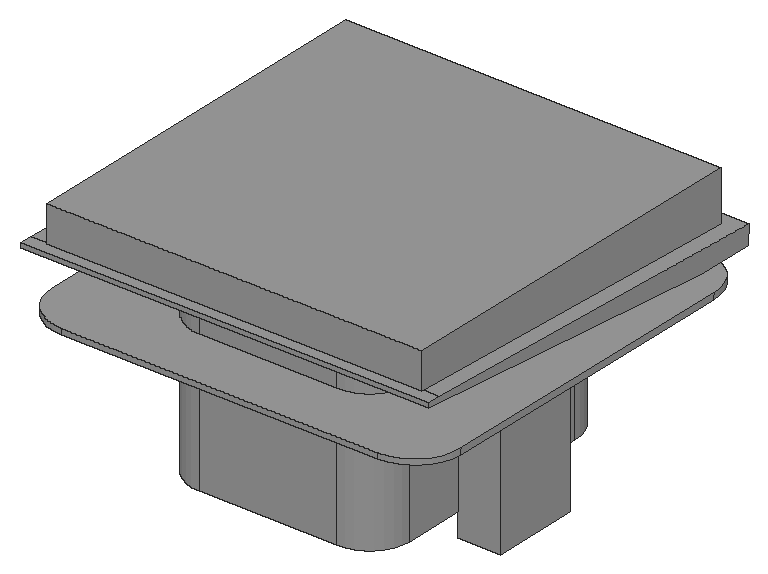
Revit family "Gira_126065", category Electrical Fixtures, host Face, Revit 2017
Family settings
  Host = Face
  Maintain Annotation Orientation = Yes
  Round Connector Dimension = Use Diameter
  Part Type = Normal
  Cut with Voids When Loaded = No
  Shared = No
  Room Calculation Point = No
Parameters (values of type "Door st. 1-g FM Gira TX_44 (WP FM) c.alum.")
  With info label = "Yes"
  With cover = "Yes"
  With camera = "No"
  URL = "http://katalog.gira.de/en/datenblatt.html?artikelnr=126065"
  Protection against vandalism = "Yes"
  Number of call buttons = "1"
  Name = "Door st. 1-g FM Gira TX_44 (WP FM) c.alum."
  Mounting method = "Flush mounted (plaster)"
  Modular construction = "Yes"
  Manufacturer URL = "https://www.gira.de/"
  Manufacturer = "Gira"
  Keynote = ""
  Installation technique = "Bus system"
  HeinzeBIM = "https://bimportal.heinze.de/bim/door-st-1-g-fm-gira-tx-44-wp-fm-c-alum-/9f0f78a46f3b024d2d844e8ba3824c633bcbe667"
  HAN = "126065"
  GTIN = "4010337260653"
  Description = "Door st.1g FM TX_44 CAl,Door station, 1-gang,,colour aluminium,Features:,- Installation in a conventional flush-mounted device box.,- Fits in the cover frames of the Gira TX_44 switch range.,- Modular design, therefore easy installation and expandability with further components such as call buttons, info module, colour camera, Keyless In.,- Signal transmission and supply of the audio and video components via reverse-polarity-protected and short-circuit-proof 2-wire bus.,- One-man start-up with easy start-up procedure.,- Weather-resistant speaker.,- High-quality electret microphone.,- Speakerphone function (voice-controlled talk-back with echo and background noise suppression).,- Call button LED lamps, white light. Even, clearly visible call-button illumination is achieved via maintenance-free, energy-saving LED technology.,- Audible acknowledgement signal when a call button is pressed.,- Adjustable voice volume.,- Sprayed-water proof call-button cover plate made of shock-resistant plastic.,- Name plate of the call button can be exchanged without tools and without frame disassembly.,- Professional labelling is available from the Gira Inscription Service www.marking.gira.com or using the Gira inscription software.,- Binary input for connecting a zero-voltage push button (NO contact) as a call button.,- Call button, 1-gang"
  Default Elevation = 1219.2 mm
  Data sheet (1) = "https://katalog.gira.de/en/download.html?artikelnr=126065"
  Colour = "Silver"
  Category = "Door station door communication"
  BIM (1) = "https://media.stage.bim.site/public/gira/36a6b08/TX44_Komplettgerät_Schalten und Tasten.rfa?public/gira/36a6b08/TX44_Komplettgerät_Schalten und Tasten.rfa"
  Available = "No"
Reference planes
  plane 1 "Center (Front/Back)": y = 0
  plane 2 "Reference Level 0": z = 0
  plane 3 "Center (Left/Right)": x = 0
  plane 4: z = -28.6
Forms (mm)
  Extrusion 1, solid, material "Default", detail levels fine
    sketch origin (0, 0, 0) x (1, 0, 0) y (0, 1, 0)
      loop
        line (-32.604, 32.5) -> (-32.604, -32.5) -> (32.735, -32.5) -> (32.735, 32.5) -> (-32.604, 32.5)
    from 0 to 12.3
  Extrusion 2, solid, material "Default", detail levels fine
    sketch origin (0, 0, 0) x (0, 1, 0) y (0, 0, 1)
      loop
        line (35, 3.483) -> (-32.2, 6) -> (-34.55, 6) -> (-34.536, 5.199) -> (24.886, 0) -> (34.939, 0) -> (35, 3.483)
    from -35.5 to 35.5
  Extrusion 3, void
    sketch origin (0, 0, 0) x (0, 1, 0) y (0, 0, 1)
      loop
        line (42.419, 3.205) -> (-32.2, 6) -> (-42.193, 6) -> (-42.193, -11.826) -> (42.419, -11.826) -> (42.419, 3.205)
    from -64.194 to 61.264
  Extrusion 4, solid, material "Default", detail levels fine
    sketch origin (0, 0, 0) x (1, 0, 0) y (0, 1, 0)
      loop
        arc (35.5, 27.5) -> (33.157, 33.157) -> (27.5, 35.5) r 8
        line (27.5, 35.5) -> (-27.5, 35.5)
        arc (-27.5, 35.5) -> (-33.157, 33.157) -> (-35.5, 27.5) r 8
        line (-35.5, 27.5) -> (-35.5, -27.5)
        arc (-35.5, -27.5) -> (-33.157, -33.157) -> (-27.5, -35.5) r 8
        line (-27.5, -35.5) -> (27.5, -35.5)
        arc (27.5, -35.5) -> (33.157, -33.157) -> (35.5, -27.5) r 8
        line (35.5, -27.5) -> (35.5, 27.5)
    from -4.1 to -5.1
  Extrusion 5, solid, material "Default", detail levels fine
    sketch origin (0, 0, 0) x (1, 0, 0) y (0, 1, 0)
      loop
        arc (-12, 25) -> (-16.95, 22.95) -> (-19, 18) r 7
        line (-19, 18) -> (-19, -18)
        arc (-19, -18) -> (-16.95, -22.95) -> (-12, -25) r 7
        line (-12, -25) -> (12, -25)
        arc (12, -25) -> (16.95, -22.95) -> (19, -18) r 7
        line (19, -18) -> (19, 18)
        arc (19, 18) -> (16.95, 22.95) -> (12, 25) r 7
        line (12, 25) -> (-12, 25)
    from 4.692 to -28.6
  Extrusion 6, solid, material "Default", detail levels fine
    sketch origin (0, 0, 0) x (1, 0, 0) y (0, 1, 0)
      loop
        line (-26.5, -7.5) -> (-19, -7.5) -> (-19, 7.5) -> (-26.5, 7.5) -> (-26.5, -7.5)
    from -5.1 to -32.6
  Extrusion 7, solid, material "Default", detail levels fine
    sketch origin (0, 0, 0) x (-1, 0, 0) y (0, -1, 0)
      loop
        line (-26.5, 7.5) -> (-26.5, -7.5) -> (-19, -7.5) -> (-19, 7.5) -> (-26.5, 7.5)
    from -5.1 to -32.6
  Extrusion 8, solid, material "Default", detail levels medium
    sketch origin (0, 0, 0) x (1, 0, 0) y (0, 1, 0)
      loop
        line (-32.604, 32.5) -> (-32.604, -32.5) -> (32.735, -32.5) -> (32.735, 32.5) -> (-32.604, 32.5)
    from 0 to 12.3
  Extrusion 9, solid, material "Default", detail levels medium
    sketch origin (0, 0, 0) x (0, 1, 0) y (0, 0, 1)
      loop
        line (35, 3.483) -> (-32.2, 6) -> (-34.55, 6) -> (-34.445, 0) -> (34.939, 0) -> (35, 3.483)
    from -35.5 to 35.5
  Extrusion 10, solid, material "Default", detail levels medium
    sketch origin (0, 0, 0) x (1, 0, 0) y (0, 1, 0)
      loop
        line (-26.5, 25) -> (-26.5, -25) -> (26.5, -25) -> (26.5, 25) -> (-26.5, 25)
    from 4.692 to -32.6
  Extrusion 11, solid, material "Default", detail levels medium
    sketch origin (0, 0, 0) x (1, 0, 0) y (0, 1, 0)
      loop
        line (35.5, 35.5) -> (-35.5, 35.5) -> (-35.5, -35.5) -> (35.5, -35.5) -> (35.5, 35.5)
    from -4.1 to -5.1
  Extrusion 12, solid, material "Default", detail levels coarse
    sketch origin (0, 0, 0) x (1, 0, 0) y (0, 1, 0)
      loop
        line (35.5, 35.5) -> (-35.5, 35.5) -> (-35.5, -35.5) -> (35.5, -35.5) -> (35.5, 35.5)
    from -32.6 to 12.3
Cuts and joins
  Extrusion 3 cuts Extrusion 1
  joined: Extrusion 1, Extrusion 2, Extrusion 4, Extrusion 5, Extrusion 6, Extrusion 7
Dimensions and locks
  Extrusion 12 to Extrusion 12 = 44.9 mm
  aligned and locked: plane 2 "Reference Level 0" to host face
  aligned and locked: level to host face
  aligned and locked: plane 3 "Center (Left/Right)" to nested 1
  aligned and locked: plane 1 "Center (Front/Back)" to nested 1
Nested families
  nested 1: "Schalter" at (0, 0, 0), type "Schalter"
Connectors
  electrical at (0, 0, -32.6)
    settings: on Extrusion 12, index 1, voltage 220 V, apparent load 0 VA, apparent load phase1 0 VA, apparent load phase2 0 VA, apparent load phase3 0 VA, power factor 1, load classification "Other", number of poles 1, system type 30, power factor state 1, is connector primary yes, connector utility no, sub classification motor no, connector description ""
Definition of nested family "Schalter"
  Reference planes
    plane 1: y = 0
    plane 2: x = 0
  Lines and regions (mm)
    detail lines
      curve 1: circle (1.375, 2.778, 0) r 0.8 normal (0, 0, 1)
      curve 2: line (1.021, 2.061, 0) -> (0, 0, 0)
      curve 3: line (0, 0, 0) -> (-0.538, 0.266, 0)
  Dimensions and locks
    curve 2 to curve 2 = 2.3 mm
    curve 3 to curve 2 = 0.6 mm
    radius of curve 1 = 0.8 mm
